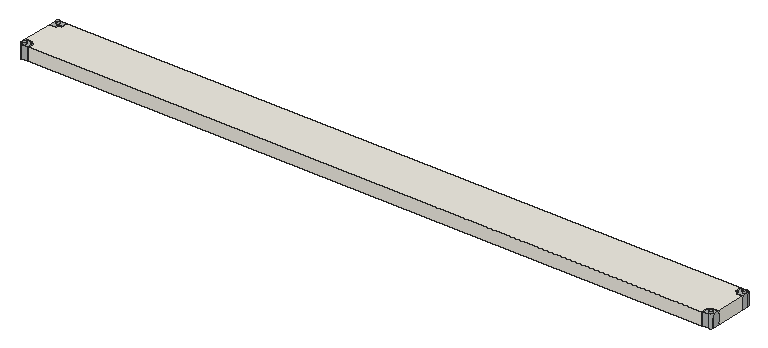
Revit family "HIGHTECH", category Осветительные приборы, Revit 2019 (continued)
Types (32, lengths in mm): name | Файл фотометрической сетки | built-in parameter 1150105 | Lumens | built-in parameter 1150106 | built-in parameter 1150142 | Wattage | Emit from Rectangle Width | Emit from Rectangle Length | Длина | Ширина | ADSK_Ток | ADSK_Полная мощность | ADSK_Обозначение | ADSK_Номинальная мощность | ADSK_Наименование | ADSK_Масса | ADSK_Код изделия
    098 0.098 0.098 0.098 0.098 0.098 0.098 0.000 0.000 0.000 0.000 \r\n1417.637 1417.044 1413.295 1407.474 1398.890 1388.135 1374.815 1358.437 1340.184 1319.661 1296.869 1271.808 1244.971 1216.258 1185.673 1153.507 1120.158 1085.131 \r\n1048.823 1011.329 973.046 933.284 893.127 851.884 810.741 768.314 725.888 683.165 639.752 596.240 552.728 509.019 465.902 422.686 379.371 337.044 295.505 254.757 215.388 176.909 \r\n138.232 103.698 70.942 40.157 12.136 0.592 0.592 0.592 0.493 0.493 0.493 0.493 0.493 0.493 0.493 0.395 0.395 0.395 0.395 0.395 0.395 0.395 0.395 0.296 0.296 0.296 0.296 0.296 0.296 0.296 0.296 0.197 \r\n0.197 0.197 0.197 0.197 0.197 0.197 0.197 0.098 0.098 0.098 0.098 0.098 0.098 0.098 0.098 0.000 0.000 0.000 0.000 \r\n1417.637 1416.946 1413.197 1407.376 1398.693 1387.839 1374.520 1358.042 1339.789 1319.168 1296.376 1271.315 1244.477 1215.765 1185.179 1152.915 1119.566 1084.539 \r\n1048.230 1010.638 972.356 932.594 892.436 851.194 810.050 767.623 725.197 682.474 639.160 595.649 552.038 508.427 465.310 422.094 378.878 336.550 295.111 254.362 214.895 176.514 \r\n137.935 103.403 70.744 39.960 11.939 0.592 0.592 0.592 0.493 0.493 0.493 0.493 0.493 0.493 0.493 0.395 0.395 0.395 0.395 0.395 0.395 0.395 0.395 0.296 0.296 0.296 0.296 0.296 0.296 0.296 0.296 0.197 \r\n0.197 0.197 0.197 0.197 0.197 0.197 0.197 0.098 0.098 0.098 0.098 0.098 0.098 0.098 0.098 0.000 0.000 0.000 0.000 \r\n1417.637 1416.946 1413.098 1407.178 1398.495 1387.544 1374.223 1357.747 1339.395 1318.773 1295.882 1270.822 1243.886 1215.174 1184.587 1152.323 1118.974 1083.848 \r\n1047.540 1009.947 971.665 931.903 891.746 850.503 809.359 766.933 724.507 681.784 638.470 594.958 551.445 507.836 464.718 421.502 378.287 336.057 294.617 253.967 214.500 176.119 \r\n137.640 103.106 70.447 39.762 11.741 0.592 0.592 0.592 0.493 0.493 0.493 0.493 0.493 0.493 0.493 0.395 0.395 0.395 0.395 0.395 0.395 0.395 0.395 0.296 0.296 0.296 0.296 0.296 0.296 0.296 0.296 0.197 \r\n0.197 0.197 0.197 0.197 0.197 0.197 0.197 0.098 0.098 0.098 0.098 0.098 0.098 0.098 0.098 0.000 0.000 0.000 0.000 \r\n1417.637 1416.848 1412.999 1407.079 1398.298 1387.247 1373.829 1357.352 1339.000 1318.378 1295.488 1270.327 1243.392 1214.680 1183.995 1151.731 1118.283 1083.257 \r\n1046.849 1009.257 970.975 931.113 891.055 849.813 808.668 766.242 723.914 681.093 637.779 594.266 550.755 507.145 464.126 421.009 377.793 335.564 294.222 253.474 214.105 175.823 \r\n137.343 102.810 70.250 39.467 11.445 0.592 0.592 0.592 0.493 0.493 0.493 0.493 0.493 0.493 0.493 0.395 0.395 0.395 0.395 0.395 0.395 0.395 0.395 0.296 0.296 0.296 0.296 0.296 0.296 0.296 0.296 0.197 \r\n0.197 0.197 0.197 0.197 0.197 0.197 0.197 0.098 0.098 0.098 0.098 0.098 0.098 0.098 0.098 0.000 0.000 0.000 0.000 \r\n1417.637 1416.848 1412.901 1406.882 1398.002 1387.051 1373.533 1356.957 1338.605 1317.983 1294.994 1269.834 1242.899 1214.089 1183.403 1151.041 1117.692 1082.665 \r\n1046.257 1008.566 970.284 930.423 890.266 849.121 807.978 765.552 723.224 680.403 637.187 593.675 550.163 506.553 463.534 420.416 377.300 335.071 293.729 253.079 213.712 175.429 \r\n136.949 102.515 69.954 39.269 11.248 0.592 0.592 0.592 0.493 0.493 0.493 0.493 0.493 0.493 0.493 0.395 0.395 0.395 0.395 0.395 0.395 0.395 0.395 0.296 0.296 0.296 0.296 0.296 0.296 0.296 0.296 0.197 \r\n0.197 0.197 0.197 0.197 0.197 0.197 0.197 0.098 0.098 0.098 0.098 0.098 0.098 0.098 0.098 0.000 0.000 0.000 0.000 \r\n1417.637 1416.749 1412.802 1406.684 1397.805 1386.754 1373.237 1356.661 1338.210 1317.589 1294.599 1269.341 1242.406 1213.496 1182.811 1150.448 1117.099 1081.974 \r\n1045.566 1007.974 969.593 929.732 889.575 848.333 807.287 764.861 722.533 679.712 636.496 592.985 549.472 505.960 462.942 419.825 376.707 334.577 293.236 252.684 213.317 175.034 \r\n136.652 102.218 69.659 39.072 11.051 0.592 0.592 0.592 0.493 0.493 0.493 0.493 0.493 0.493 0.493 0.395 0.395 0.395 0.395 0.395 0.395 0.395 0.395 0.296 0.296 0.296 0.296 0.296 0.296 0.296 0.296 0.197 \r\n0.197 0.197 0.197 0.197 0.197 0.197 0.197 0.098 0.098 0.098 0.098 0.098 0.098 0.098 0.098 0.000 0.000 0.000 0.000 \r\n1417.637 1416.749 1412.704 1406.586 1397.607 1386.458 1372.941 1356.266 1337.815 1317.095 1294.106 1268.848 1241.813 1213.003 1182.219 1149.856 1116.409 1081.382 \r\n1044.876 1007.283 968.902 929.042 888.885 847.642 806.597 764.170 721.843 679.120 635.806 592.293 548.881 505.368 462.351 419.332 376.214 334.084 292.841 252.191 212.922 174.738 \r\n136.357 101.922 69.461 38.776 10.853 0.592 0.592 0.592 0.493 0.493 0.493 0.493 0.493 0.493 0.493 0.395 0.395 0.395 0.395 0.395 0.395 0.395 0.395 0.296 0.296 0.296 0.296 0.296 0.296 0.296 0.296 0.197 \r\n0.197 0.197 0.197 0.197 0.197 0.197 0.197 0.098 0.098 0.098 0.098 0.098 0.098 0.098 0.098 0.000 0.000 0.000 0.000 \r\n1417.637 1416.650 1412.604 1406.389 1397.311 1386.162 1372.546 1355.871 1337.421 1316.701 1293.613 1268.355 1241.320 1212.411 1181.627 1149.265 1115.816 1080.691 \r\n1044.284 1006.593 968.212 928.351 888.194 846.951 805.906 763.479 721.151 678.429 635.213 591.702 548.190 504.777 461.758 418.740 375.721 333.591 292.348 251.796 212.527 174.343 \r\n135.962 101.627 69.165 38.579 10.557 0.592 0.592 0.592 0.493 0.493 0.493 0.493 0.493 0.493 0.493 0.395 0.395 0.395 0.395 0.395 0.395 0.395 0.395 0.296 0.296 0.296 0.296 0.296 0.296 0.296 0.296 0.197 \r\n0.197 0.197 0.197 0.197 0.197 0.197 0.197 0.098 0.098 0.098 0.098 0.098 0.098 0.098 0.098 0.000 0.000 0.000 0.000 \r\n1417.637 1416.650 1412.506 1406.191 1397.114 1385.866 1372.250 1355.576 1337.027 1316.307 1293.218 1267.861 1240.827 1211.918 1181.035 1148.672 1115.225 1080.099 \r\n1043.593 1005.902 967.620 927.660 887.503 846.260 805.215 762.789 720.461 677.739 634.523 591.011 547.598 504.086 461.166 418.247 375.129 333.098 291.855 251.401 212.132 173.948 \r\n135.666 101.429 68.968 38.381 10.360 0.592 0.592 0.592 0.493 0.493 0.493 0.493 0.493 0.493 0.493 0.493 0.395 0.395 0.395 0.395 0.395 0.395 0.395 0.296 0.296 0.296 0.296 0.296 0.296 0.296 0.296 0.197 \r\n0.197 0.197 0.197 0.197 0.197 0.197 0.197 0.098 0.098 0.098 0.098 0.098 0.098 0.098 0.098 0.000 0.000 0.000 0.000 \r\n1417.637 1416.650 1412.407 1406.093 1396.917 1385.669 1371.954 1355.181 1336.632 1315.912 1292.725 1267.368 1240.334 1211.325 1180.443 1147.982 1114.633 1079.409 \r\n1042.903 1005.212 966.929 926.969 886.812 845.569 804.524 762.098 719.770 677.048 633.832 590.320 546.907 503.494 460.574 417.654 374.636 332.603 291.460 250.908 211.738 173.653 \r\n135.371 101.133 68.671 38.086 10.163 0.592 0.592 0.592 0.493 0.493 0.493 0.493 0.493 0.493 0.493 0.493 0.395 0.395 0.395 0.395 0.395 0.395 0.395 0.296 0.296 0.296 0.296 0.296 0.296 0.296 0.296 0.197 \r\n0.197 0.197 0.197 0.197 0.197 0.197 0.197 0.098 0.098 0.098 0.098 0.098 0.098 0.098 0.098 0.000 0.000 0.000 0.000 \r\n1417.637 1416.551 1412.309 1405.895 1396.621 1385.373 1371.559 1354.786 1336.237 1315.419 1292.232 1266.875 1239.742 1210.733 1179.851 1147.390 1113.942 1078.816 \r\n1042.310 1004.521 966.238 926.279 886.121 844.879 803.834 761.408 719.080 676.357 633.240 589.728 546.315 502.902 459.982 417.062 374.043 332.110 290.967 250.513 211.343 173.258 \r\n135.074 100.837 68.376 37.888 9.965 0.592 0.592 0.592 0.493 0.493 0.493 0.493 0.493 0.493 0.493 0.493 0.395 0.395 0.395 0.395 0.395 0.395 0.395 0.296 0.296 0.296 0.296 0.296 0.296 0.296 0.296 0.197 \r\n0.197 0.197 0.197 0.197 0.197 0.197 0.197 0.098 0.098 0.098 0.098 0.098 0.098 0.098 0.098 0.000 0.000 0.000 0.000 \r\n1417.637 1416.551 1412.111 1405.796 1396.423 1385.077 1371.264 1354.391 1335.842 1315.024 1291.837 1266.382 1239.248 1210.240 1179.259 1146.798 1113.350 1078.126 \r\n1041.620 1003.831 965.548 925.588 885.431 844.090 803.143 760.717 718.389 675.666 632.549 589.038 545.723 502.310 459.390 416.569 373.550 331.617 290.474 250.119 210.948 172.863 \r\n134.679 100.541 68.178 37.591 9.669 0.592 0.592 0.592 0.493 0.493 0.493 0.493 0.493 0.493 0.493 0.493 0.395 0.395 0.395 0.395 0.395 0.395 0.395 0.296 0.296 0.296 0.296 0.296 0.296 0.296 0.296 0.197 \r\n0.197 0.197 0.197 0.197 0.197 0.197 0.197 0.098 0.098 0.098 0.098 0.098 0.098 0.098 0.098 0.000 0.000 0.000 0.000 \r\n1417.637 1416.453 1412.013 1405.600 1396.226 1384.781 1370.968 1354.095 1335.448 1314.629 1291.344 1265.888 1238.754 1209.648 1178.667 1146.206 1112.758 1077.534 \r\n1040.929 1003.140 964.857 924.898 884.740 843.400 802.453 760.026 717.698 674.976 631.859 588.446 545.032 501.718 458.798 415.977 373.057 331.124 290.079 249.625 210.553 172.567 \r\n134.383 100.245 67.883 37.394 9.472 0.592 0.592 0.592 0.493 0.493 0.493 0.493 0.493 0.493 0.493 0.493 0.395 0.395 0.395 0.395 0.395 0.395 0.395 0.296 0.296 0.296 0.296 0.296 0.296 0.296 0.296 0.197 \r\n0.197 0.197 0.197 0.197 0.197 0.197 0.197 0.098 0.098 0.098 0.098 0.098 0.098 0.098 0.098 0.000 0.000 0.000 0.000 \r\n1417.637 1416.453 1411.914 1405.402 1395.930 1384.583 1370.671 1353.701 1335.053 1314.234 1290.850 1265.395 1238.261 1209.155 1178.075 1145.515 1112.067 1076.844 \r\n1040.239 1002.548 964.167 924.207 883.951 842.708 801.762 759.336 717.008 674.383 631.267 587.755 544.441 501.126 458.206 415.385 372.465 330.631 289.585 249.231 210.160 172.172 \r\n134.088 99.949 67.685 37.198 9.275 0.592 0.592 0.592 0.493 0.493 0.493 0.493 0.493 0.493 0.493 0.493 0.395 0.395 0.395 0.395 0.395 0.395 0.395 0.296 0.296 0.296 0.296 0.296 0.296 0.296 0.296 0.197 \r\n0.197 0.197 0.197 0.197 0.197 0.197 0.197 0.098 0.098 0.098 0.098 0.098 0.098 0.098 0.098 0.000 0.000 0.000 0.000 \r\n1417.637 1416.354 1411.816 1405.303 1395.733 1384.288 1370.276 1353.307 1334.658 1313.741 1290.456 1264.901 1237.669 1208.563 1177.582 1144.923 1111.476 1076.252 \r\n1039.646 1001.857 963.476 923.417 883.260 842.018 801.072 758.644 716.317 673.693 630.576 587.064 543.749 500.435 457.614 414.891 371.972 330.137 289.191 248.836 209.765 171.778 \r\n133.693 99.653 67.389 36.901 9.077 0.592 0.592 0.592 0.493 0.493 0.493 0.493 0.493 0.493 0.493 0.493 0.395 0.395 0.395 0.395 0.395 0.395 0.395 0.296 0.296 0.296 0.296 0.296 0.296 0.296 0.296 0.197 \r\n0.197 0.197 0.197 0.197 0.197 0.197 0.197 0.098 0.098 0.098 0.098 0.098 0.098 0.098 0.098 0.000 0.000 0.000 0.000 \r\n" | 25.582 W | 255 | 1155 | 1195 | 295 | 0.179584 A | 41.3043 VA | "Hightech-38/opal-sand 295х1195 (IP54, 4000К, белый)" | 38 W | "Универсальный светодиодный светильник Hightech-38/opal-sand 295х1195 (IP54, 4000К, белый) c БАП на 3 час" | 2.5 | "ЦБ000008596"
